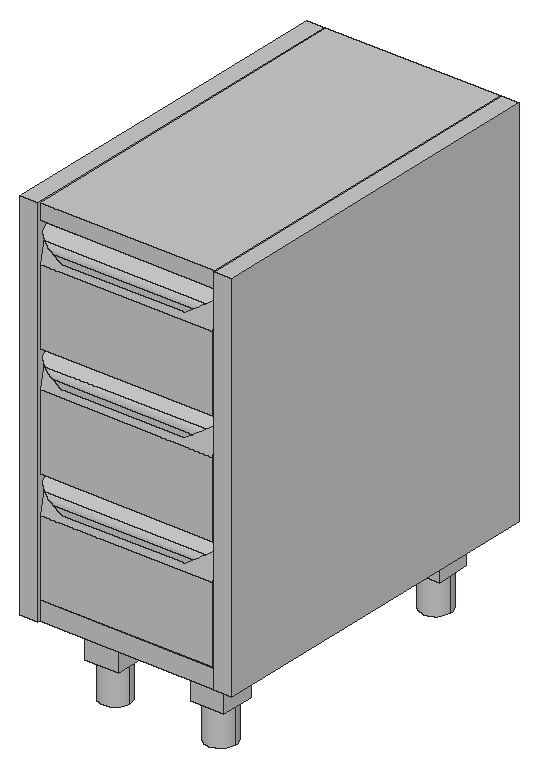
Revit family "QF_ELECTROLUXPROFESSIONAL_121823_TE3C4", category Attrezzature speciali, Revit 2020
Family settings
  Quota connettore circolare = Usa diametro
  Tipo di parte = Normale
  Basato su piano di lavoro = No
  Sempre verticale = Sì
  Taglio con vuoti quando caricato = No
  Condiviso = No
  Punto di calcolo locali = No
Parameters (values of type "Standard")
  Weight = 39.00 kg
  Watts = 0 W
  Volts = 0 V
  URL Manufacturer = "https://www.electroluxprofessional.com/"
  URL = "https://www.electroluxprofessional.com/"
  Steam Supply Size = 0 mm
  Steam Supply Minimum Pressure = 0.0 Pa
  Steam Supply Maximum Pressure = 0.0 Pa
  Steam Consumption per Hour = 0
  Refrigeration Suction Line Size = 0.0 mm
  Refrigeration Liquid Line Size = 0.0 mm
  Refrigerant Compressor Remote = yes
  Prospetto di default = 0.0 mm
  Phase = 0
  Modello = "TE3C4"
  Produttore = "Electrolux Professional"
  Length Actual = 400.0 mm  # constant formula
  Item Number = "121823"
  Hot Water Size = 0 mm
  Height Actual = 860.0 mm  # constant formula
  HP = "0 HP"
  Gas Size = 0 mm
  Gas KW = 0
  Gas Input Pressure = 0 W
  Direct Waste Size = 0 mm
  Descrizione = "AMBIENT UNIT WITH 3 DRAWERS 400MM"
  Depth Actual = 680.0 mm  # constant formula
  Cycle = 0 Hz
  Condensate Return Size = 0 mm
  Compressed Air Volume = 0.0 L/s
  Compressed Air Size = 0 mm
  Compressed Air Pressure = 0.0 Pa
  Cold Water Size = 0 mm
  Accessory = yes
Reference planes
  plane 1 "Center (Front/Back)": y = 0
  plane 2: z = 0
  plane 3 "Center (Left/Right)": x = -300
  plane 4 "LEFT": x = -500
  plane 5 "RIGHT": x = -100
  plane 6 "BACK": y = 340
  plane 7 "FRONT": y = -340
  plane 8 "Base": z = 860
  plane 9 "TOP": z = 900
  plane 10: x = -400
  plane 11: x = -200
  plane 12: y = 270
  plane 13: y = -240
  plane 14 "FEET": z = 150
  plane 15: x = -466
  plane 16: x = -134
  plane 17: y = -337
  plane 18: y = 310
  plane 19: y = -670
Forms (mm)
  Extrusion 1, solid, material "QF_Finishes_Stainless Steel"
    sketch origin (0, 0, 150) x (-1, 0, 0) y (0, -1, 0)
      loop
        line (500, -340) -> (500, 340) -> (466, 340) -> (466, -340) -> (500, -340)
      loop
        line (134, -340) -> (134, 340) -> (100, 340) -> (100, -340) -> (134, -340)
    from 0 to 710
  Extrusion 2, solid, material "QF_Finishes_Stainless Steel"
    sketch origin (0, 0, 150) x (-1, 0, 0) y (0, -1, 0)
      loop
        line (466, -310) -> (466, 337) -> (134, 337) -> (134, -310) -> (466, -310)
    from 0 to 35
  Extrusion 3, solid, material "QF_Finishes_Stainless Steel"
    sketch origin (0, 0, 0) x (1, 0, 0) y (0, 1, 0)
      loop
        line (-466, 310) -> (-466, -297) -> (-134, -297) -> (-134, 310) -> (-466, 310)
    from 490 to 520
  Extrusion 4, solid, material "QF_Finishes_Stainless Steel"
    sketch origin (0, 0, 0) x (1, 0, 0) y (0, 1, 0)
      loop
        line (-466, -337) -> (-134, -337) -> (-134, 340) -> (-466, 340) -> (-466, -337)
    from 830 to 860
  Extrusion 5, solid, material "QF_Finishes_Stainless Steel"
    sketch origin (0, 0, 150) x (-1, 0, 0) y (0, -1, 0)
      loop
        line (466, -340) -> (466, -310) -> (134, -310) -> (134, -340) -> (466, -340)
    from 680 to 0
Lines and regions (mm)
  symbolic lines, style "SpecialityEquipmentHiddenLines"
    curve 1: line (-100, 340, 900) -> (-500, 340, 900)
    curve 2: line (-100, -340, 900) -> (-100, 340, 900)
    curve 3: line (-500, -344.5, 150) -> (-500, 340, 150)
    curve 4: line (-500, -340, 150) -> (-466, -340, 150)
    curve 5: line (-466, -340, 150) -> (-466, -337, 150)
    curve 6: line (-466, -337, 150) -> (-134, -337, 150)
    curve 7: line (-134, -337, 150) -> (-134, -340, 150)
    curve 8: line (-134, -340, 150) -> (-100, -340, 150)
Dimensions and locks
  plane 4 "LEFT" to plane 5 "RIGHT" = 400.0 mm
  equal spacing: plane 4 "LEFT", plane 3 "Center (Left/Right)", plane 5 "RIGHT"
  plane 6 "BACK" to plane 7 "FRONT" = 680.0 mm
  equal spacing: plane 6 "BACK", plane 1 "Center (Front/Back)", plane 7 "FRONT"
  locked: plane 14 "FEET" to level at 150
  locked: plane 4 "LEFT" to plane 10 at 100
  locked: plane 11 to plane 5 "RIGHT" at 100
  locked: plane 4 "LEFT" to plane 15 at 34
  locked: plane 16 to plane 5 "RIGHT" at 34
  plane 17 to plane 7 "FRONT" = 3.0 mm
  plane 6 "BACK" to plane 18 = 30.0 mm
  locked: plane 6 "BACK" to plane 12 at 70
  locked: plane 13 to plane 7 "FRONT" at 100
  locked: plane 8 "Base" to level at 860
  locked: plane 9 "TOP" to level at 900
  plane 6 "BACK" to plane 19 = 1010.0 mm
  aligned and locked: level to plane 2
  aligned and locked: plane 10 to nested 1
  aligned and locked: plane 11 to nested 2
  aligned and locked: plane 11 to nested 4
  aligned and locked: nested 4 to plane 12
  aligned and locked: plane 10 to nested 3
  aligned and locked: nested 3 to plane 12
  aligned and locked: plane 8 "Base" to Extrusion 1
  aligned and locked: plane 6 "BACK" to Extrusion 1 sketch curve
  aligned and locked: Extrusion 1 sketch curve to plane 6 "BACK"
  aligned and locked: plane 7 "FRONT" to Extrusion 1 sketch curve
  aligned and locked: Extrusion 1 sketch curve to plane 7 "FRONT"
  aligned and locked: plane 15 to Extrusion 1
  aligned and locked: Extrusion 1 to plane 16
  aligned and locked: Extrusion 2 to plane 15
  aligned and locked: plane 16 to Extrusion 2
  aligned and locked: plane 16 to Extrusion 3
  aligned and locked: Extrusion 3 to plane 15
  aligned and locked: plane 8 "Base" to Extrusion 4
  aligned and locked: Extrusion 2 to plane 17
  aligned and locked: Extrusion 2 to plane 18
  aligned and locked: Extrusion 3 to plane 18
  aligned and locked: Extrusion 4 to plane 17
  aligned and locked: plane 15 to Extrusion 5 sketch curve
  aligned and locked: Extrusion 5 sketch curve to plane 16
  aligned and locked: Extrusion 5 sketch curve to plane 6 "BACK"
  aligned and locked: Extrusion 5 sketch curve to plane 18
  aligned and locked: Extrusion 5 to Extrusion 4
  aligned and locked: Extrusion 5 to plane 14 "FEET"
  aligned and locked: plane 6 "BACK" to Extrusion 4
  aligned and locked: nested 1 to plane 13
  aligned and locked: nested 2 to plane 13
Automatic sketch dimensions
  curve 2 to plane 5 "RIGHT" = 0.0 mm
  curve 2 to plane 7 "FRONT" = 0.0 mm
  curve 1 to plane 4 "LEFT" = 0.0 mm
  curve 1 to plane 6 "BACK" = 0.0 mm
  Extrusion 1 sketch curve to plane 5 "RIGHT" = 0.0 mm
  Extrusion 1 sketch curve to plane 16 = 0.0 mm
  Extrusion 1 sketch curve to plane 15 = 0.0 mm
  Extrusion 1 sketch curve to plane 4 "LEFT" = 0.0 mm
  Extrusion 2 sketch curve to plane 16 = 0.0 mm
  Extrusion 2 sketch curve to plane 15 = 0.0 mm
  plane 18 to Extrusion 2 sketch curve = 0.0 mm
  Extrusion 2 sketch curve to plane 17 = 0.0 mm
  curve 8 to plane 5 "RIGHT" = 0.0 mm
  curve 8 to plane 7 "FRONT" = 0.0 mm
  curve 8 to plane 16 = 0.0 mm
  curve 6 to plane 15 = 0.0 mm
  curve 3 to plane 4 "LEFT" = 0.0 mm
  curve 3 to plane 6 "BACK" = 0.0 mm
  curve 6 to plane 17 = 0.0 mm
  curve 4 to plane 7 "FRONT" = 0.0 mm
  curve 4 to curve 3 = 4.5 mm
  Extrusion 4 sketch curve to plane 15 = 0.0 mm
  Extrusion 4 sketch curve to plane 16 = 0.0 mm
  Extrusion 4 sketch curve to plane 17 = 0.0 mm
  Extrusion 4 sketch curve to plane 18 = 30.0 mm
  Extrusion 3 sketch curve to plane 15 = 0.0 mm
  plane 7 "FRONT" to Extrusion 3 sketch curve = 43.0 mm
  Extrusion 3 sketch curve to plane 16 = 0.0 mm
  plane 18 to Extrusion 3 sketch curve = 0.0 mm
Nested families
  nested 1: "FEET_L63-150" at (-400, -240, 0), type "FEET_L63-150"
  nested 2: "FEET_L63-150" at (-200, -240, 0), type "FEET_L63-150"
  nested 3: "FEET_L63-150" at (-400, 270, 0), type "FEET_L63-150"
  nested 4: "FEET_L63-150" at (-200, 270, 0), type "FEET_L63-150"
  nested 5: "H637_400_3DRAWERS" at (-336.152, -297, 148.687) x (1, 0, 0) z (0, -1, 0), type "H637_400_3DRAWERS"
    with Width 400.0 mm, Show Clearance yes
Definition of nested family "FEET_L63-150"
  Parameters
    Default Elevation = 0.0 mm
    FEET = 150.0 mm
  Reference planes
    plane 1 "Center (Front/Back)": y = 0
    plane 2: z = 0
    plane 3 "Center (Left/Right)": x = 0
    plane 4: z = 150
  Forms (mm)
    Extrusion 1, solid
      sketch origin (0, 0, 0) x (1, 0, 0) y (0, 1, 0)
        loop
          circle (0, 0) r 28
      from 0 to 67
    Extrusion 2, solid
      sketch origin (0, 0, 0) x (1, 0, 0) y (0, 1, 0)
        loop
          line (31.561, 31.5) -> (-31.439, 31.5) -> (-31.439, -31.5) -> (31.561, -31.5) -> (31.561, 31.5)
      from 67 to 150 <- "FEET"
  Lines and regions (mm)
    symbolic lines
      curve 1: line (0, -1.503, 0) -> (0, 1.508, 0)
      curve 2: line (1.561, 0, 0) -> (-1.439, 0, 0)
  Dimensions and locks
    "FEET": plane 4 to plane 2
    aligned and locked: level to plane 2
  Automatic sketch dimensions
    plane 1 "Center (Front/Back)" to Extrusion 1 sketch curve = 0.0 mm
    Extrusion 1 sketch curve to plane 3 "Center (Left/Right)" = 0.0 mm
    plane 1 "Center (Front/Back)" to curve 2 = 0.0 mm
    curve 1 to plane 3 "Center (Left/Right)" = 0.0 mm
    curve 2 to plane 3 "Center (Left/Right)" = 1.439 mm
    plane 3 "Center (Left/Right)" to curve 2 = 1.561 mm
    plane 1 "Center (Front/Back)" to curve 1 = 1.503 mm
    curve 1 to plane 1 "Center (Front/Back)" = 1.508 mm
    Extrusion 2 sketch curve to plane 1 "Center (Front/Back)" = 31.5 mm
    Extrusion 2 sketch curve to plane 3 "Center (Left/Right)" = 31.439 mm
    plane 3 "Center (Left/Right)" to Extrusion 2 sketch curve = 31.561 mm
    plane 1 "Center (Front/Back)" to Extrusion 2 sketch curve = 31.5 mm
    radius of Extrusion 1 sketch curve = 28.0 mm
Definition of nested family "H637_400_3DRAWERS"
  Parameters
    Width [instance] = 400.0 mm
    Show Clearance [instance] = yes
    Model = "727995"
    Height = 710.0 mm
    Default Elevation = 0.0 mm
  Reference planes
    plane 1 "Center (Front/Back)": y = 0
    plane 2: z = 0
    plane 3 "Center (Left/Right)": x = 36.042
    plane 4 "panel": z = 25
    plane 5 "Left": x = -163.958
    plane 6 "Right": x = 236.042
    plane 7: y = 710
    plane 8: z = 45
    plane 9: x = 199.042
    plane 10: x = -126.958
    plane 11: y = 672
    plane 12: y = 38
    plane 13: z = 652.734
    plane 14: y = 464
    plane 15: y = 459
    plane 16: y = 251
    plane 17: y = 246
  Forms (mm)
    Extrusion 1, solid
      sketch origin (0, -919.2, 0) x (1, 0, 0) y (0, 1, 0)
        loop
          line (-980.5, 2119.2) -> (-980.5, -162.846) -> (881.94, -162.846) -> (881.94, 2119.2) -> (-980.5, 2119.2)
      from 0 to -59.546
    Extrusion 2, solid
      sketch origin (36.042, -219.693, 0) x (0, 1, 0) y (0, 0, 1)
        loop
          line (848.63, 49.734) -> (848.63, 47.734) -> (858.98, 47.734)
          arc (858.98, 47.734) -> (865.586, 46.42) -> (871.186, 42.679) r 17.261
          line (871.186, 42.679) -> (888.019, 25.845) -> (891.693, 25) -> (872.6, 44.093)
          arc (872.6, 44.093) -> (866.351, 48.268) -> (858.98, 49.734) r 19.261
          line (858.98, 49.734) -> (848.63, 49.734)
      from -163 to 163
    Extrusion 3, void
      sketch origin (0, -219.693, 25) x (1, 0, 0) y (0, 1, 0)
        loop
          line (204.066, 839.859) -> (204.066, 882.225) -> (199.042, 882.225)
          arc (199.042, 882.225) -> (198.688, 880.688) -> (197.873, 879.339) r 5
          line (197.873, 879.339) -> (155.197, 850.51)
          arc (155.197, 850.51) -> (152.266, 849.11) -> (149.054, 848.63) r 10.974
          line (149.054, 848.63) -> (-76.97, 848.63)
          arc (-76.97, 848.63) -> (-80.182, 849.11) -> (-83.113, 850.51) r 10.974
          line (-83.113, 850.51) -> (-125.789, 879.339)
          arc (-125.789, 879.339) -> (-126.604, 880.688) -> (-126.958, 882.225) r 5
          line (-126.958, 882.225) -> (-131.982, 882.225) -> (-131.982, 839.859) -> (204.066, 839.859)
      from 0 to 27.674
    Extrusion 4, solid
      sketch origin (36.042, -190, 0) x (0, 1, 0) y (0, 0, 1)
        loop
          line (654, 40) -> (654, 0) -> (862, 0) -> (862, 25) -> (796.797, 40) -> (654, 40)
      from 163 to -163
    Extrusion 5, solid, detail levels coarse
      sketch origin (0, 0, 0) x (1, 0, 0) y (0, 0, 1)
        loop
          line (-126.958, 40) -> (198.042, 40) -> (198.042, 652.734) -> (-126.958, 652.734) -> (-126.958, 40)
      from -672 to -464
    Extrusion 6, solid, detail levels coarse
      sketch origin (0, 0, 0) x (1, 0, 0) y (0, 0, 1)
        loop
          line (-126.958, 40) -> (198.042, 40) -> (198.042, 652.734) -> (-126.958, 652.734) -> (-126.958, 40)
      from -459 to -251
    Extrusion 7, solid
      sketch origin (36.042, -432.693, 0) x (0, 1, 0) y (0, 0, 1)
        loop
          line (848.63, 49.734) -> (848.63, 47.734) -> (858.98, 47.734)
          arc (858.98, 47.734) -> (865.586, 46.42) -> (871.186, 42.679) r 17.261
          line (871.186, 42.679) -> (888.019, 25.845) -> (891.693, 25) -> (872.6, 44.093)
          arc (872.6, 44.093) -> (866.351, 48.268) -> (858.98, 49.734) r 19.261
          line (858.98, 49.734) -> (848.63, 49.734)
      from -163 to 163
    Extrusion 8, void
      sketch origin (0, -432.693, 25) x (1, 0, 0) y (0, 1, 0)
        loop
          line (204.066, 839.859) -> (204.066, 882.225) -> (199.042, 882.225)
          arc (199.042, 882.225) -> (198.688, 880.688) -> (197.873, 879.339) r 5
          line (197.873, 879.339) -> (155.197, 850.51)
          arc (155.197, 850.51) -> (152.266, 849.11) -> (149.054, 848.63) r 10.974
          line (149.054, 848.63) -> (-76.97, 848.63)
          arc (-76.97, 848.63) -> (-80.182, 849.11) -> (-83.113, 850.51) r 10.974
          line (-83.113, 850.51) -> (-125.789, 879.339)
          arc (-125.789, 879.339) -> (-126.604, 880.688) -> (-126.958, 882.225) r 5
          line (-126.958, 882.225) -> (-131.982, 882.225) -> (-131.982, 839.859) -> (204.066, 839.859)
      from 0 to 27.674
    Extrusion 9, solid
      sketch origin (36.042, -645.693, 0) x (0, 1, 0) y (0, 0, 1)
        loop
          line (848.63, 49.734) -> (848.63, 47.734) -> (858.98, 47.734)
          arc (858.98, 47.734) -> (865.586, 46.42) -> (871.186, 42.679) r 17.261
          line (871.186, 42.679) -> (888.019, 25.845) -> (891.693, 25) -> (872.6, 44.093)
          arc (872.6, 44.093) -> (866.351, 48.268) -> (858.98, 49.734) r 19.261
          line (858.98, 49.734) -> (848.63, 49.734)
      from -163 to 163
    Extrusion 10, void
      sketch origin (0, -645.693, 25) x (1, 0, 0) y (0, 1, 0)
        loop
          line (204.066, 839.859) -> (204.066, 882.225) -> (199.042, 882.225)
          arc (199.042, 882.225) -> (198.688, 880.688) -> (197.873, 879.339) r 5
          line (197.873, 879.339) -> (155.197, 850.51)
          arc (155.197, 850.51) -> (152.266, 849.11) -> (149.054, 848.63) r 10.974
          line (149.054, 848.63) -> (-76.97, 848.63)
          arc (-76.97, 848.63) -> (-80.182, 849.11) -> (-83.113, 850.51) r 10.974
          line (-83.113, 850.51) -> (-125.789, 879.339)
          arc (-125.789, 879.339) -> (-126.604, 880.688) -> (-126.958, 882.225) r 5
          line (-126.958, 882.225) -> (-131.982, 882.225) -> (-131.982, 839.859) -> (204.066, 839.859)
      from 0 to 27.674
    Extrusion 11, solid, detail levels coarse
      sketch origin (0, 0, 0) x (1, 0, 0) y (0, 0, 1)
        loop
          line (-126.958, 40) -> (198.042, 40) -> (198.042, 652.734) -> (-126.958, 652.734) -> (-126.958, 40)
      from -38 to -246
    Extrusion 12, solid
      sketch origin (36.042, -403, 0) x (0, 1, 0) y (0, 0, 1)
        loop
          line (654, 40) -> (654, 0) -> (862, 0) -> (862, 25) -> (796.797, 40) -> (654, 40)
      from 163 to -163
    Extrusion 13, solid
      sketch origin (36.042, -616, 0) x (0, 1, 0) y (0, 0, 1)
        loop
          line (654, 40) -> (654, 0) -> (862, 0) -> (862, 25) -> (796.797, 40) -> (654, 40)
      from 163 to -163
  Cuts and joins
    Extrusion 3, Extrusion 8 cuts Extrusion 2
    Extrusion 8, Extrusion 10 cuts Extrusion 4
    Extrusion 8 cuts Extrusion 5
    Extrusion 8, Extrusion 10 cuts Extrusion 7
    Extrusion 10 cuts Extrusion 9
  Lines and regions (mm)
    symbolic lines
      curve 1: line (199.042, 0, 40) -> (199.042, 0, 653)
      curve 2: line (167.735, 0, 49.734) -> (-126.958, 0, 49.734)
      curve 3: spline (187.459, 0, 44.389) -> (185.921, 0, 45.265) -> (184.356, 0, 46.066) -> (182.765, 0, 46.791) -> (181.151, 0, 47.437) -> (179.517, 0, 48.005) -> (177.865, 0, 48.493) -> (176.198, 0, 48.9) -> (174.519, 0, 49.226) -> (172.831, 0, 49.471) -> (171.136, 0, 49.633) -> (169.436, 0, 49.712) -> (167.736, 0, 49.71)
      curve 4: line (193.956, 0, 40) -> (187.459, 0, 44.389)
      curve 5: line (199.042, 0, 653) -> (-126.958, 0, 653)
      curve 6: line (-126.958, 0, 40) -> (-126.958, 0, 653)
  Dimensions and locks
    plane 4 "panel" to level = 25.0 mm
    "Width": plane 5 "Left" to plane 6 "Right"
    equal spacing: plane 5 "Left", plane 3 "Center (Left/Right)", plane 6 "Right"
    "Height": plane 1 "Center (Front/Back)" to plane 7
    plane 9 to plane 6 "Right" = 37.0 mm
    plane 5 "Left" to plane 10 = 37.0 mm
    plane 7 to plane 11 = 38.0 mm
    plane 1 "Center (Front/Back)" to plane 12 = 38.0 mm
    plane 10 to plane 9 = 326.0 mm
    plane 11 to plane 14 = 208.0 mm
    locked: plane 14 to plane 15 at 5
    plane 15 to plane 16 = 208.0 mm
    locked: plane 16 to plane 17 at 5
    plane 17 to plane 12 = 208.0 mm
    aligned and locked: plane 2 to Extrusion 1
    aligned and locked: level to Extrusion 1
    aligned and locked: plane 10 to Extrusion 2
    aligned and locked: plane 9 to Extrusion 2
    aligned and locked: plane 10 to Extrusion 4
    aligned and locked: plane 9 to Extrusion 4
  Automatic sketch dimensions
    plane 10 to curve 6 = 0.0 mm
    curve 1 to plane 9 = 0.0 mm
    curve 4 to plane 8 = 0.611 mm
    curve 4 to plane 9 = 11.583 mm
    curve 5 to plane 13 = 0.266 mm
    plane 8 to curve 2 = 4.734 mm
    curve 2 to curve 4 = 19.723 mm
    curve 2 to curve 3 = 0.0 mm
    curve 3 to curve 3 = 0.908 mm
    curve 4 to curve 1 = 5.086 mm
    curve 1 to plane 8 = 5.0 mm
    curve 4 to plane 8 = 5.0 mm
    curve 6 to plane 8 = 5.0 mm
    curve 3 to level = 1.281 mm
    curve 3 to curve 2 = 0.025 mm
    Extrusion 1 sketch curve to Extrusion 1 sketch curve = 1862.44 mm
    Extrusion 1 sketch curve to Extrusion 1 sketch curve = 2282.046 mm
    Extrusion 2 sketch curve to Extrusion 2 sketch curve = 0.0 mm  (x2)
    Extrusion 2 sketch curve to plane 4 "panel" = 0.0 mm
    Extrusion 2 sketch curve to plane 11 = 0.0 mm
    plane 4 "panel" to Extrusion 2 sketch curve = 0.845 mm
    Extrusion 2 sketch curve to plane 11 = 3.674 mm
    Extrusion 2 sketch curve to plane 8 = 0.907 mm
    Extrusion 2 sketch curve to plane 11 = 19.093 mm
    Extrusion 2 sketch curve to plane 8 = 2.321 mm
    Extrusion 2 sketch curve to Extrusion 2 sketch curve = 1.414 mm
    plane 4 "panel" to Extrusion 2 sketch curve = 5.474 mm
    Extrusion 2 sketch curve to Extrusion 2 sketch curve = 12.205 mm
    Extrusion 2 sketch curve to Extrusion 2 sketch curve = 10.351 mm
    Extrusion 3 sketch curve to plane 10 = 0.0 mm
    Extrusion 3 sketch curve to plane 9 = 0.0 mm
    plane 10 to Extrusion 3 sketch curve = 5.024 mm
    Extrusion 3 sketch curve to plane 10 = 1.169 mm
    Extrusion 3 sketch curve to plane 10 = 4.988 mm
    Extrusion 3 sketch curve to plane 10 = 43.845 mm
    Extrusion 3 sketch curve to Extrusion 3 sketch curve = 6.143 mm  (x2)
    Extrusion 3 sketch curve to plane 11 = 32.089 mm
    Extrusion 3 sketch curve to plane 9 = 49.988 mm
    Extrusion 3 sketch curve to plane 9 = 4.988 mm
    Extrusion 3 sketch curve to plane 9 = 1.169 mm
    plane 9 to Extrusion 3 sketch curve = 5.024 mm
    Extrusion 3 sketch curve to plane 11 = 41.182 mm
    Extrusion 3 sketch curve to Extrusion 3 sketch curve = 9.094 mm
    Extrusion 3 sketch curve to Extrusion 3 sketch curve = 10.652 mm
    Extrusion 3 sketch curve to plane 11 = 12.354 mm  (x2)
    Extrusion 3 sketch curve to Extrusion 3 sketch curve = 2.886 mm  (x2)
    Extrusion 4 sketch curve to plane 14 = 0.0 mm
    Extrusion 4 sketch curve to plane 4 "panel" = 0.0 mm
    Extrusion 4 sketch curve to plane 11 = 0.0 mm
    Extrusion 4 sketch curve to level = 0.0 mm
    Extrusion 4 sketch curve to plane 8 = 5.0 mm
    Extrusion 4 sketch curve to plane 11 = 65.203 mm
    Extrusion 5 sketch curve to plane 10 = 0.0 mm
    Extrusion 5 sketch curve to plane 13 = 0.0 mm
    Extrusion 5 sketch curve to plane 9 = 1.0 mm
    Extrusion 5 sketch curve to plane 8 = 5.0 mm
    Extrusion 6 sketch curve to plane 10 = 0.0 mm
    Extrusion 6 sketch curve to plane 13 = 0.0 mm
    Extrusion 6 sketch curve to plane 9 = 1.0 mm
    Extrusion 6 sketch curve to plane 8 = 5.0 mm
    Extrusion 7 sketch curve to Extrusion 7 sketch curve = 0.0 mm  (x2)
    Extrusion 7 sketch curve to plane 4 "panel" = 0.0 mm
    Extrusion 7 sketch curve to plane 15 = 0.0 mm
    plane 4 "panel" to Extrusion 7 sketch curve = 0.845 mm
    Extrusion 7 sketch curve to plane 15 = 3.674 mm
    Extrusion 7 sketch curve to plane 8 = 0.907 mm
    Extrusion 7 sketch curve to plane 15 = 19.093 mm
    Extrusion 7 sketch curve to plane 8 = 2.321 mm
    Extrusion 7 sketch curve to Extrusion 7 sketch curve = 1.414 mm
    plane 4 "panel" to Extrusion 7 sketch curve = 5.474 mm
    Extrusion 7 sketch curve to Extrusion 7 sketch curve = 12.205 mm
    Extrusion 7 sketch curve to Extrusion 7 sketch curve = 10.351 mm
    Extrusion 8 sketch curve to plane 10 = 0.0 mm
    Extrusion 8 sketch curve to plane 9 = 0.0 mm
    plane 10 to Extrusion 8 sketch curve = 5.024 mm
    Extrusion 8 sketch curve to plane 10 = 1.169 mm
    Extrusion 8 sketch curve to plane 10 = 4.988 mm
    Extrusion 8 sketch curve to plane 10 = 43.845 mm
    Extrusion 8 sketch curve to Extrusion 8 sketch curve = 6.143 mm  (x2)
    Extrusion 8 sketch curve to plane 15 = 32.089 mm
    Extrusion 8 sketch curve to plane 9 = 49.988 mm
    Extrusion 8 sketch curve to plane 9 = 4.988 mm
    Extrusion 8 sketch curve to plane 9 = 1.169 mm
    plane 9 to Extrusion 8 sketch curve = 5.024 mm
    Extrusion 8 sketch curve to plane 15 = 41.182 mm
    Extrusion 8 sketch curve to Extrusion 8 sketch curve = 9.094 mm
    Extrusion 8 sketch curve to Extrusion 8 sketch curve = 10.652 mm
    Extrusion 8 sketch curve to plane 15 = 12.354 mm  (x2)
    Extrusion 8 sketch curve to Extrusion 8 sketch curve = 2.886 mm  (x2)
    Extrusion 9 sketch curve to Extrusion 9 sketch curve = 0.0 mm  (x2)
    Extrusion 9 sketch curve to plane 4 "panel" = 0.0 mm
    Extrusion 9 sketch curve to plane 17 = 0.0 mm
    plane 4 "panel" to Extrusion 9 sketch curve = 0.845 mm
    Extrusion 9 sketch curve to plane 17 = 3.674 mm
    Extrusion 9 sketch curve to plane 8 = 0.907 mm
    Extrusion 9 sketch curve to plane 17 = 19.093 mm
    Extrusion 9 sketch curve to plane 8 = 2.321 mm
    Extrusion 9 sketch curve to Extrusion 9 sketch curve = 1.414 mm
    plane 4 "panel" to Extrusion 9 sketch curve = 5.474 mm
    Extrusion 9 sketch curve to Extrusion 9 sketch curve = 12.205 mm
    Extrusion 9 sketch curve to Extrusion 9 sketch curve = 10.351 mm
    Extrusion 10 sketch curve to plane 10 = 0.0 mm
    Extrusion 10 sketch curve to plane 9 = 0.0 mm
    plane 10 to Extrusion 10 sketch curve = 5.024 mm
    Extrusion 10 sketch curve to plane 10 = 1.169 mm
    Extrusion 10 sketch curve to plane 10 = 4.988 mm
    Extrusion 10 sketch curve to plane 10 = 43.845 mm
    Extrusion 10 sketch curve to Extrusion 10 sketch curve = 6.143 mm  (x2)
    Extrusion 10 sketch curve to plane 17 = 32.089 mm
    Extrusion 10 sketch curve to plane 9 = 49.988 mm
    Extrusion 10 sketch curve to plane 9 = 4.988 mm
    Extrusion 10 sketch curve to plane 9 = 1.169 mm
    plane 9 to Extrusion 10 sketch curve = 5.024 mm
    Extrusion 10 sketch curve to plane 17 = 41.182 mm
    Extrusion 10 sketch curve to Extrusion 10 sketch curve = 9.094 mm
    Extrusion 10 sketch curve to Extrusion 10 sketch curve = 10.652 mm
    Extrusion 10 sketch curve to plane 17 = 12.354 mm  (x2)
    Extrusion 10 sketch curve to Extrusion 10 sketch curve = 2.886 mm  (x2)
    Extrusion 11 sketch curve to plane 10 = 0.0 mm
    Extrusion 11 sketch curve to plane 13 = 0.0 mm
    Extrusion 11 sketch curve to plane 9 = 1.0 mm
    Extrusion 11 sketch curve to plane 8 = 5.0 mm
    Extrusion 12 sketch curve to plane 16 = 0.0 mm
    Extrusion 12 sketch curve to plane 4 "panel" = 0.0 mm
    Extrusion 12 sketch curve to plane 15 = 0.0 mm
    Extrusion 12 sketch curve to level = 0.0 mm
    Extrusion 12 sketch curve to plane 8 = 5.0 mm
    Extrusion 12 sketch curve to plane 15 = 65.203 mm
    Extrusion 13 sketch curve to plane 12 = 0.0 mm
    Extrusion 13 sketch curve to plane 4 "panel" = 0.0 mm
    Extrusion 13 sketch curve to plane 17 = 0.0 mm
    Extrusion 13 sketch curve to level = 0.0 mm
    Extrusion 13 sketch curve to plane 8 = 5.0 mm
    Extrusion 13 sketch curve to plane 17 = 65.203 mm
